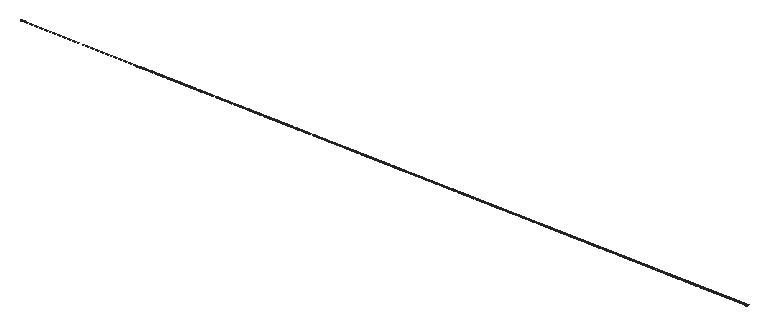
Revit family "0068168", category Lighting Fixtures, host Face, Revit 2017
Family settings
  Host = Face
  Round Connector Dimension = Use Diameter
  Part Type = Normal
  OmniClass Number = 23.80.70.00
  OmniClass Title = Lighting
  Cut with Voids When Loaded = No
  Light Source = Yes
  Shared = No
  Room Calculation Point = No
Parameters (values of type "0068168 FLEX PRO IP20 2450LM 930")
  Weight = "2.0 kg"
  Wattage Comments = ""
  Wattage = 24 W
  WarrantyStartDate [instance] = "n/a"
  WarrantyGuarantorParts = "n/a"
  WarrantyDurationUnit = "n/a"
  WarrantyDurationParts = "n/a"
  WarrantyDescription = "n/a"
  built-in parameter 1150110 = 1 (stored number, unit not read)
  Voltage = 0 V
  URL = "http://www.sylvania-lighting.com"
  TypeName = "Flex Pro IP20 2450lm 930"
  Type Image = <None>
  Type Comments = "n/a"
  built-in parameter 1114217 = 1 (stored number, unit not read)
  Tilt Angle = -90.00°
  built-in parameter 1150109 = 1 (stored number, unit not read)
  built-in parameter 1150134 = (empty or 0)
  built-in parameter 1150113 = 1 (stored number, unit not read)
  SerialNumber [instance] = "n/a"
  Photometric Web File = "0068168.ies"
  PHOTOMETRY3_SYL = 0 mm
  PHOTOMETRY2_SYL = LUM_WIDTH_SYL  # 4 mm
  PHOTOMETRY1_SYL = LUM_LENGHT_SYL / 2  # 2500 mm
  Material_3_SYL = none
  PowerFactor = 0
  PowerConsumption = "24 W"
  NominalLength = 5000 mm
  NominalHeight = 1.2 mm
  NominalDepth = 8 mm
  Name = "Flex Pro IP20 2450lm 930"
  ModelReference = Name  # "Flex Pro IP20 2450lm 930"
  ModelNumber = "0068168"
  Model = Name  # "Flex Pro IP20 2450lm 930"
  Material = "n/a"
  ManufacturerName = "Feilo Sylvania"
  Manufacturer = "Feilo Sylvania"
  LuminousEfficacy = "102 lm/W"
  built-in parameter 1150105 = 194.81 (stored number, unit not read)
  Lumens = 2448 lm
  LuminaireType = ""
  built-in parameter 1150115 = 1 (stored number, unit not read)
  LightOutputRatio = "n/a"
  built-in parameter 1150137 = (empty or 0)
  built-in parameter 1150139 = (empty or 0)
  LampsType = Lamp  # "LED"
  LampNominalLuminous = "2450 lm"
  LampMacAdamStep = "n/a"
  LampColourTemperature = "3000 K"
  LampColourRenderingIndex = "90"
  built-in parameter 1150112 = 1 (stored number, unit not read)
  built-in parameter 1150114 = 1 (stored number, unit not read)
  Lamp = "LED"
  LUM_WIDTH_SYL = 4 mm
  LUM_LENGHT_SYL!!!! = "MUST BE DIVISIBLE WITH 100"
  LUM_LENGHT_SYL = 5000 mm  # constant formula
  LED_DIST_SYL = 16.6 mm
  LED_DIST1_SYL = 10.6 mm
  LED_CH_S_WIDTH_SYL = 1.5 mm
  LED_CH_S_DEPTH_SYL = 1 mm
  LED_CH_L_WIDTH_SYL = 1.7 mm
  LED_CH_L_DEPTH_SYL = 1.4 mm
  LED_2_DIST_SYL = 33.2 mm
  Keynote = "16500"
  InstallationDate [instance] = "n/a"
  InputVoltage = "n/a"
  InputNominalFrequency = "n/a"
  built-in parameter 1150132 = (empty or 0)
  built-in parameter 1150102 = (empty or 0)
  built-in parameter 1150107 = 3000 (stored number, unit not read)
  built-in parameter 1150138 = (empty or 0)
  IngressProtection = "IP20"
  ImpactProtectionIndex = "IK00"
  built-in parameter 1150106 = 1.9481 (stored number, unit not read)
  IfcExportType = "IfcLightFixtureType"
  IfcExportAs = "IfcLightFixtureType"
  Emit from Circle Diameter = 609.6 mm
  Emit Shape Visible in Rendering = no
  ElectricShockClassification = "Class III"
  built-in parameter 1150104 = 9.4761 (stored number, unit not read)
  DocumentationLiterature = "http://www.sylvania-lighting.com/product/en-int/products/0068168"
  DimmingControlOptions = "n/a"
  Material_2_SYL = Default New Material
  Dimming Lamp Color Temperature Shift = <None>
  Description = ""
  Default Elevation = 1219.2 mm
  CreatedOn = "10/16/2020"
  CreatedBy = "@sylvania-lighting.com"
  Cost = 0
  Color Filter = 16777215
  built-in parameter 1114216 [instance] = (empty or 0)
  ClassificationValue = "EF_70_80"
  ClassificationName = "Uniclass2015"
  Material_1_SYL = Default
  CABLE_LENGHT_SYL = 1000 mm
  CABLE_FIX_SYL = 1 mm
  CABLE_END_SYL = 15 mm
  CABLE_DIST_SYL = 1.5 mm
  CABLE_DIST2_SYL = 1.5 mm
  CABLE_BLEND_SYL = 20 mm
  BarCode [instance] = "n/a"
  built-in parameter 1114218 = 1 (stored number, unit not read)
  built-in parameter 1150133 = 10 (stored number, unit not read)
  AssetType = "Fixed"
  AssetIdentifier [instance] = "n/a"
  Assembly Code = "D5020200"
  Apparent Load = 24 VA
  Material_4_SYL = none
Reference planes
  plane 1 "Center (Front/Back)": y = 0
  plane 2: z = 0
  plane 3 "Center (Left/Right)": x = 0
  plane 4: x = 5000
  plane 5: y = 4
  plane 6: y = -4
  plane 7: x = 1
  plane 8: x = -1000
  plane 9: x = -20
  plane 10: x = -985
  plane 11: y = 1.5
  plane 12: y = -1.5
  plane 13: y = 2.5
  plane 14: y = -2.5
  plane 15: x = 10.6
  plane 16: x = 27.2
  plane 17: x = 43.8
  plane 18: x = 60.4
  plane 19: x = 77
  plane 20: x = 93.6
  plane 21: y = 1.7
  plane 22: y = -1.7
  plane 23: x = 12
  plane 24: x = 9.2
  plane 25: x = 28.6
  plane 26: x = 25.8
  plane 27: x = 45.2
  plane 28: x = 42.4
  plane 29: x = 59
  plane 30: x = 61.8
  plane 31: x = 75.6
  plane 32: x = 78.4
  plane 33: x = 95
  plane 34: x = 92.2
  plane 35: x = 18.9
  plane 36: x = 35.5
  plane 37: x = 68.7
  plane 38: x = 85.3
  plane 39: x = 19.9
  plane 40: x = 17.9
  plane 41: x = 34.5
  plane 42: x = 36.5
  plane 43: x = 69.7
  plane 44: x = 67.7
  plane 45: x = 84.3
  plane 46: x = 86.3
  plane 47: y = 1.5
  plane 48: y = -1.5
Forms (mm)
  Extrusion 1, solid, material "Default" <- "Material_1_SYL"
    sketch origin (0, 0, 0) x (1, 0, 0) y (0, 1, 0)
      loop
        line (0, 4) -> (0, -4) -> (5000, -4) -> (5000, 4) -> (0, 4)
    from -0.9 to -1.2
  Sweep 2, solid, material "Default New Material" <- "Material_2_SYL"
    path origin (0, 0, 0) x (1, 0, 0) y (0, 1, 0)
      loop
        line (1, 2.5) -> (0, 2.5) -> (-20, 1.5) -> (-985, 1.5)
    profile origin (-10, 2, 0) x (0.049938, -0.998752, 0) y (0, 0, 1)
      loop
        circle (0, 0) r 1.399
  Sweep 3, solid, material "Default New Material" <- "Material_2_SYL"
    path origin (0, 0, 0) x (1, 0, 0) y (0, 1, 0)
      loop
        line (1, -2.5) -> (0, -2.5) -> (-20, -1.5) -> (-985, -1.5)
    profile origin (-10, -2, 0) x (-0.049938, -0.998752, 0) y (0, 0, 1)
      loop
        circle (0, 0) r 1.353
  Revolve 4, solid
    sketch origin (0, 0, 0) x (1, 0, 0) y (0, 1, 0)
      loop
        line (-985, 1.5) -> (-985, 2.5) -> (-1000, 2.5) -> (-1000, 1.5) -> (-985, 1.5)
      axis (-985, 1.5) -> (-1000, 1.5)
    angle from 360 to 0
  Revolve 5, solid
    sketch origin (0, 0, 0) x (1, 0, 0) y (0, 1, 0)
      loop
        line (-985, -1.5) -> (-1000, -1.5) -> (-1000, -2.5) -> (-985, -2.5) -> (-985, -1.5)
      axis (-985, -1.5) -> (-1000, -1.5)
    angle from 360 to 0
  Extrusion 6, solid
    sketch origin (0, 0, 0) x (1, 0, 0) y (0, 1, 0)
      loop
        line (9.2, 1.7) -> (9.2, -1.7) -> (12, -1.7) -> (12, 1.7) -> (9.2, 1.7)
      loop
        line (25.8, 1.7) -> (25.8, -1.7) -> (28.6, -1.7) -> (28.6, 1.7) -> (25.8, 1.7)
      loop
        line (42.4, 1.7) -> (42.4, -1.7) -> (45.2, -1.7) -> (45.2, 1.7) -> (42.4, 1.7)
      loop
        line (59, 1.7) -> (59, -1.7) -> (61.8, -1.7) -> (61.8, 1.7) -> (59, 1.7)
      loop
        line (75.6, -1.7) -> (78.4, -1.7) -> (78.4, 1.7) -> (75.6, 1.7) -> (75.6, -1.7)
      loop
        line (92.2, 1.7) -> (92.2, -1.7) -> (95, -1.7) -> (95, 1.7) -> (92.2, 1.7)
    from 0 to -1.2
  Extrusion 7, solid
    sketch origin (0, 0, 0) x (1, 0, 0) y (0, 1, 0)
      loop
        line (17.9, 1.5) -> (17.9, -1.5) -> (19.9, -1.5) -> (19.9, 1.5) -> (17.9, 1.5)
      loop
        line (34.5, 1.5) -> (34.5, -1.5) -> (36.5, -1.5) -> (36.5, 1.5) -> (34.5, 1.5)
      loop
        line (67.7, 1.5) -> (67.7, -1.5) -> (69.7, -1.5) -> (69.7, 1.5) -> (67.7, 1.5)
      loop
        line (84.3, 1.5) -> (84.3, -1.5) -> (86.3, -1.5) -> (86.3, 1.5) -> (84.3, 1.5)
    from -1.2 to -0.5
  Extrusion 8, solid
    sketch origin (4898, 0, 0) x (1, 0, 0) y (0, 1, 0)
      loop
        line (9.2, 1.7) -> (9.2, -1.7) -> (12, -1.7) -> (12, 1.7) -> (9.2, 1.7)
      loop
        line (25.8, 1.7) -> (25.8, -1.7) -> (28.6, -1.7) -> (28.6, 1.7) -> (25.8, 1.7)
      loop
        line (42.4, 1.7) -> (42.4, -1.7) -> (45.2, -1.7) -> (45.2, 1.7) -> (42.4, 1.7)
      loop
        line (59, 1.7) -> (59, -1.7) -> (61.8, -1.7) -> (61.8, 1.7) -> (59, 1.7)
      loop
        line (75.6, -1.7) -> (78.4, -1.7) -> (78.4, 1.7) -> (75.6, 1.7) -> (75.6, -1.7)
      loop
        line (92.2, 1.7) -> (92.2, -1.7) -> (95, -1.7) -> (95, 1.7) -> (92.2, 1.7)
    from 0 to -1.2
  Extrusion 9, solid
    sketch origin (99.959, 0, 0) x (1, 0, 0) y (0, 1, 0)
      loop
        line (9.2, 1.7) -> (9.2, -1.7) -> (12, -1.7) -> (12, 1.7) -> (9.2, 1.7)
      loop
        line (25.8, 1.7) -> (25.8, -1.7) -> (28.6, -1.7) -> (28.6, 1.7) -> (25.8, 1.7)
      loop
        line (42.4, 1.7) -> (42.4, -1.7) -> (45.2, -1.7) -> (45.2, 1.7) -> (42.4, 1.7)
      loop
        line (59, 1.7) -> (59, -1.7) -> (61.8, -1.7) -> (61.8, 1.7) -> (59, 1.7)
      loop
        line (75.6, -1.7) -> (78.4, -1.7) -> (78.4, 1.7) -> (75.6, 1.7) -> (75.6, -1.7)
      loop
        line (92.2, 1.7) -> (92.2, -1.7) -> (95, -1.7) -> (95, 1.7) -> (92.2, 1.7)
    from 0 to -1.2
  Extrusion 10, solid
    sketch origin (199.918, 0, 0) x (1, 0, 0) y (0, 1, 0)
      loop
        line (9.2, 1.7) -> (9.2, -1.7) -> (12, -1.7) -> (12, 1.7) -> (9.2, 1.7)
      loop
        line (25.8, 1.7) -> (25.8, -1.7) -> (28.6, -1.7) -> (28.6, 1.7) -> (25.8, 1.7)
      loop
        line (42.4, 1.7) -> (42.4, -1.7) -> (45.2, -1.7) -> (45.2, 1.7) -> (42.4, 1.7)
      loop
        line (59, 1.7) -> (59, -1.7) -> (61.8, -1.7) -> (61.8, 1.7) -> (59, 1.7)
      loop
        line (75.6, -1.7) -> (78.4, -1.7) -> (78.4, 1.7) -> (75.6, 1.7) -> (75.6, -1.7)
      loop
        line (92.2, 1.7) -> (92.2, -1.7) -> (95, -1.7) -> (95, 1.7) -> (92.2, 1.7)
    from 0 to -1.2
  Extrusion 11, solid
    sketch origin (299.878, 0, 0) x (1, 0, 0) y (0, 1, 0)
      loop
        line (9.2, 1.7) -> (9.2, -1.7) -> (12, -1.7) -> (12, 1.7) -> (9.2, 1.7)
      loop
        line (25.8, 1.7) -> (25.8, -1.7) -> (28.6, -1.7) -> (28.6, 1.7) -> (25.8, 1.7)
      loop
        line (42.4, 1.7) -> (42.4, -1.7) -> (45.2, -1.7) -> (45.2, 1.7) -> (42.4, 1.7)
      loop
        line (59, 1.7) -> (59, -1.7) -> (61.8, -1.7) -> (61.8, 1.7) -> (59, 1.7)
      loop
        line (75.6, -1.7) -> (78.4, -1.7) -> (78.4, 1.7) -> (75.6, 1.7) -> (75.6, -1.7)
      loop
        line (92.2, 1.7) -> (92.2, -1.7) -> (95, -1.7) -> (95, 1.7) -> (92.2, 1.7)
    from 0 to -1.2
  Extrusion 12, solid
    sketch origin (399.837, 0, 0) x (1, 0, 0) y (0, 1, 0)
      loop
        line (9.2, 1.7) -> (9.2, -1.7) -> (12, -1.7) -> (12, 1.7) -> (9.2, 1.7)
      loop
        line (25.8, 1.7) -> (25.8, -1.7) -> (28.6, -1.7) -> (28.6, 1.7) -> (25.8, 1.7)
      loop
        line (42.4, 1.7) -> (42.4, -1.7) -> (45.2, -1.7) -> (45.2, 1.7) -> (42.4, 1.7)
      loop
        line (59, 1.7) -> (59, -1.7) -> (61.8, -1.7) -> (61.8, 1.7) -> (59, 1.7)
      loop
        line (75.6, -1.7) -> (78.4, -1.7) -> (78.4, 1.7) -> (75.6, 1.7) -> (75.6, -1.7)
      loop
        line (92.2, 1.7) -> (92.2, -1.7) -> (95, -1.7) -> (95, 1.7) -> (92.2, 1.7)
    from 0 to -1.2
  Extrusion 13, solid
    sketch origin (499.796, 0, 0) x (1, 0, 0) y (0, 1, 0)
      loop
        line (9.2, 1.7) -> (9.2, -1.7) -> (12, -1.7) -> (12, 1.7) -> (9.2, 1.7)
      loop
        line (25.8, 1.7) -> (25.8, -1.7) -> (28.6, -1.7) -> (28.6, 1.7) -> (25.8, 1.7)
      loop
        line (42.4, 1.7) -> (42.4, -1.7) -> (45.2, -1.7) -> (45.2, 1.7) -> (42.4, 1.7)
      loop
        line (59, 1.7) -> (59, -1.7) -> (61.8, -1.7) -> (61.8, 1.7) -> (59, 1.7)
      loop
        line (75.6, -1.7) -> (78.4, -1.7) -> (78.4, 1.7) -> (75.6, 1.7) -> (75.6, -1.7)
      loop
        line (92.2, 1.7) -> (92.2, -1.7) -> (95, -1.7) -> (95, 1.7) -> (92.2, 1.7)
    from 0 to -1.2
  Extrusion 14, solid
    sketch origin (599.755, 0, 0) x (1, 0, 0) y (0, 1, 0)
      loop
        line (9.2, 1.7) -> (9.2, -1.7) -> (12, -1.7) -> (12, 1.7) -> (9.2, 1.7)
      loop
        line (25.8, 1.7) -> (25.8, -1.7) -> (28.6, -1.7) -> (28.6, 1.7) -> (25.8, 1.7)
      loop
        line (42.4, 1.7) -> (42.4, -1.7) -> (45.2, -1.7) -> (45.2, 1.7) -> (42.4, 1.7)
      loop
        line (59, 1.7) -> (59, -1.7) -> (61.8, -1.7) -> (61.8, 1.7) -> (59, 1.7)
      loop
        line (75.6, -1.7) -> (78.4, -1.7) -> (78.4, 1.7) -> (75.6, 1.7) -> (75.6, -1.7)
      loop
        line (92.2, 1.7) -> (92.2, -1.7) -> (95, -1.7) -> (95, 1.7) -> (92.2, 1.7)
    from 0 to -1.2
  Extrusion 15, solid
    sketch origin (699.714, 0, 0) x (1, 0, 0) y (0, 1, 0)
      loop
        line (9.2, 1.7) -> (9.2, -1.7) -> (12, -1.7) -> (12, 1.7) -> (9.2, 1.7)
      loop
        line (25.8, 1.7) -> (25.8, -1.7) -> (28.6, -1.7) -> (28.6, 1.7) -> (25.8, 1.7)
      loop
        line (42.4, 1.7) -> (42.4, -1.7) -> (45.2, -1.7) -> (45.2, 1.7) -> (42.4, 1.7)
      loop
        line (59, 1.7) -> (59, -1.7) -> (61.8, -1.7) -> (61.8, 1.7) -> (59, 1.7)
      loop
        line (75.6, -1.7) -> (78.4, -1.7) -> (78.4, 1.7) -> (75.6, 1.7) -> (75.6, -1.7)
      loop
        line (92.2, 1.7) -> (92.2, -1.7) -> (95, -1.7) -> (95, 1.7) -> (92.2, 1.7)
    from 0 to -1.2
  Extrusion 16, solid
    sketch origin (799.673, 0, 0) x (1, 0, 0) y (0, 1, 0)
      loop
        line (9.2, 1.7) -> (9.2, -1.7) -> (12, -1.7) -> (12, 1.7) -> (9.2, 1.7)
      loop
        line (25.8, 1.7) -> (25.8, -1.7) -> (28.6, -1.7) -> (28.6, 1.7) -> (25.8, 1.7)
      loop
        line (42.4, 1.7) -> (42.4, -1.7) -> (45.2, -1.7) -> (45.2, 1.7) -> (42.4, 1.7)
      loop
        line (59, 1.7) -> (59, -1.7) -> (61.8, -1.7) -> (61.8, 1.7) -> (59, 1.7)
      loop
        line (75.6, -1.7) -> (78.4, -1.7) -> (78.4, 1.7) -> (75.6, 1.7) -> (75.6, -1.7)
      loop
        line (92.2, 1.7) -> (92.2, -1.7) -> (95, -1.7) -> (95, 1.7) -> (92.2, 1.7)
    from 0 to -1.2
  Extrusion 17, solid
    sketch origin (899.633, 0, 0) x (1, 0, 0) y (0, 1, 0)
      loop
        line (9.2, 1.7) -> (9.2, -1.7) -> (12, -1.7) -> (12, 1.7) -> (9.2, 1.7)
      loop
        line (25.8, 1.7) -> (25.8, -1.7) -> (28.6, -1.7) -> (28.6, 1.7) -> (25.8, 1.7)
      loop
        line (42.4, 1.7) -> (42.4, -1.7) -> (45.2, -1.7) -> (45.2, 1.7) -> (42.4, 1.7)
      loop
        line (59, 1.7) -> (59, -1.7) -> (61.8, -1.7) -> (61.8, 1.7) -> (59, 1.7)
      loop
        line (75.6, -1.7) -> (78.4, -1.7) -> (78.4, 1.7) -> (75.6, 1.7) -> (75.6, -1.7)
      loop
        line (92.2, 1.7) -> (92.2, -1.7) -> (95, -1.7) -> (95, 1.7) -> (92.2, 1.7)
    from 0 to -1.2
  Extrusion 18, solid
    sketch origin (999.592, 0, 0) x (1, 0, 0) y (0, 1, 0)
      loop
        line (9.2, 1.7) -> (9.2, -1.7) -> (12, -1.7) -> (12, 1.7) -> (9.2, 1.7)
      loop
        line (25.8, 1.7) -> (25.8, -1.7) -> (28.6, -1.7) -> (28.6, 1.7) -> (25.8, 1.7)
      loop
        line (42.4, 1.7) -> (42.4, -1.7) -> (45.2, -1.7) -> (45.2, 1.7) -> (42.4, 1.7)
      loop
        line (59, 1.7) -> (59, -1.7) -> (61.8, -1.7) -> (61.8, 1.7) -> (59, 1.7)
      loop
        line (75.6, -1.7) -> (78.4, -1.7) -> (78.4, 1.7) -> (75.6, 1.7) -> (75.6, -1.7)
      loop
        line (92.2, 1.7) -> (92.2, -1.7) -> (95, -1.7) -> (95, 1.7) -> (92.2, 1.7)
    from 0 to -1.2
  Extrusion 19, solid
    sketch origin (1099.551, 0, 0) x (1, 0, 0) y (0, 1, 0)
      loop
        line (9.2, 1.7) -> (9.2, -1.7) -> (12, -1.7) -> (12, 1.7) -> (9.2, 1.7)
      loop
        line (25.8, 1.7) -> (25.8, -1.7) -> (28.6, -1.7) -> (28.6, 1.7) -> (25.8, 1.7)
      loop
        line (42.4, 1.7) -> (42.4, -1.7) -> (45.2, -1.7) -> (45.2, 1.7) -> (42.4, 1.7)
      loop
        line (59, 1.7) -> (59, -1.7) -> (61.8, -1.7) -> (61.8, 1.7) -> (59, 1.7)
      loop
        line (75.6, -1.7) -> (78.4, -1.7) -> (78.4, 1.7) -> (75.6, 1.7) -> (75.6, -1.7)
      loop
        line (92.2, 1.7) -> (92.2, -1.7) -> (95, -1.7) -> (95, 1.7) -> (92.2, 1.7)
    from 0 to -1.2
  Extrusion 20, solid
    sketch origin (1199.51, 0, 0) x (1, 0, 0) y (0, 1, 0)
      loop
        line (9.2, 1.7) -> (9.2, -1.7) -> (12, -1.7) -> (12, 1.7) -> (9.2, 1.7)
      loop
        line (25.8, 1.7) -> (25.8, -1.7) -> (28.6, -1.7) -> (28.6, 1.7) -> (25.8, 1.7)
      loop
        line (42.4, 1.7) -> (42.4, -1.7) -> (45.2, -1.7) -> (45.2, 1.7) -> (42.4, 1.7)
      loop
        line (59, 1.7) -> (59, -1.7) -> (61.8, -1.7) -> (61.8, 1.7) -> (59, 1.7)
      loop
        line (75.6, -1.7) -> (78.4, -1.7) -> (78.4, 1.7) -> (75.6, 1.7) -> (75.6, -1.7)
      loop
        line (92.2, 1.7) -> (92.2, -1.7) -> (95, -1.7) -> (95, 1.7) -> (92.2, 1.7)
    from 0 to -1.2
  Extrusion 21, solid
    sketch origin (1299.469, 0, 0) x (1, 0, 0) y (0, 1, 0)
      loop
        line (9.2, 1.7) -> (9.2, -1.7) -> (12, -1.7) -> (12, 1.7) -> (9.2, 1.7)
      loop
        line (25.8, 1.7) -> (25.8, -1.7) -> (28.6, -1.7) -> (28.6, 1.7) -> (25.8, 1.7)
      loop
        line (42.4, 1.7) -> (42.4, -1.7) -> (45.2, -1.7) -> (45.2, 1.7) -> (42.4, 1.7)
      loop
        line (59, 1.7) -> (59, -1.7) -> (61.8, -1.7) -> (61.8, 1.7) -> (59, 1.7)
      loop
        line (75.6, -1.7) -> (78.4, -1.7) -> (78.4, 1.7) -> (75.6, 1.7) -> (75.6, -1.7)
      loop
        line (92.2, 1.7) -> (92.2, -1.7) -> (95, -1.7) -> (95, 1.7) -> (92.2, 1.7)
    from 0 to -1.2
  Extrusion 22, solid
    sketch origin (1399.429, 0, 0) x (1, 0, 0) y (0, 1, 0)
      loop
        line (9.2, 1.7) -> (9.2, -1.7) -> (12, -1.7) -> (12, 1.7) -> (9.2, 1.7)
      loop
        line (25.8, 1.7) -> (25.8, -1.7) -> (28.6, -1.7) -> (28.6, 1.7) -> (25.8, 1.7)
      loop
        line (42.4, 1.7) -> (42.4, -1.7) -> (45.2, -1.7) -> (45.2, 1.7) -> (42.4, 1.7)
      loop
        line (59, 1.7) -> (59, -1.7) -> (61.8, -1.7) -> (61.8, 1.7) -> (59, 1.7)
      loop
        line (75.6, -1.7) -> (78.4, -1.7) -> (78.4, 1.7) -> (75.6, 1.7) -> (75.6, -1.7)
      loop
        line (92.2, 1.7) -> (92.2, -1.7) -> (95, -1.7) -> (95, 1.7) -> (92.2, 1.7)
    from 0 to -1.2
  Extrusion 23, solid
    sketch origin (1499.388, 0, 0) x (1, 0, 0) y (0, 1, 0)
      loop
        line (9.2, 1.7) -> (9.2, -1.7) -> (12, -1.7) -> (12, 1.7) -> (9.2, 1.7)
      loop
        line (25.8, 1.7) -> (25.8, -1.7) -> (28.6, -1.7) -> (28.6, 1.7) -> (25.8, 1.7)
      loop
        line (42.4, 1.7) -> (42.4, -1.7) -> (45.2, -1.7) -> (45.2, 1.7) -> (42.4, 1.7)
      loop
        line (59, 1.7) -> (59, -1.7) -> (61.8, -1.7) -> (61.8, 1.7) -> (59, 1.7)
      loop
        line (75.6, -1.7) -> (78.4, -1.7) -> (78.4, 1.7) -> (75.6, 1.7) -> (75.6, -1.7)
      loop
        line (92.2, 1.7) -> (92.2, -1.7) -> (95, -1.7) -> (95, 1.7) -> (92.2, 1.7)
    from 0 to -1.2
  Extrusion 24, solid
    sketch origin (1599.347, 0, 0) x (1, 0, 0) y (0, 1, 0)
      loop
        line (9.2, 1.7) -> (9.2, -1.7) -> (12, -1.7) -> (12, 1.7) -> (9.2, 1.7)
      loop
        line (25.8, 1.7) -> (25.8, -1.7) -> (28.6, -1.7) -> (28.6, 1.7) -> (25.8, 1.7)
      loop
        line (42.4, 1.7) -> (42.4, -1.7) -> (45.2, -1.7) -> (45.2, 1.7) -> (42.4, 1.7)
      loop
        line (59, 1.7) -> (59, -1.7) -> (61.8, -1.7) -> (61.8, 1.7) -> (59, 1.7)
      loop
        line (75.6, -1.7) -> (78.4, -1.7) -> (78.4, 1.7) -> (75.6, 1.7) -> (75.6, -1.7)
      loop
        line (92.2, 1.7) -> (92.2, -1.7) -> (95, -1.7) -> (95, 1.7) -> (92.2, 1.7)
    from 0 to -1.2
  Extrusion 25, solid
    sketch origin (1699.306, 0, 0) x (1, 0, 0) y (0, 1, 0)
      loop
        line (9.2, 1.7) -> (9.2, -1.7) -> (12, -1.7) -> (12, 1.7) -> (9.2, 1.7)
      loop
        line (25.8, 1.7) -> (25.8, -1.7) -> (28.6, -1.7) -> (28.6, 1.7) -> (25.8, 1.7)
      loop
        line (42.4, 1.7) -> (42.4, -1.7) -> (45.2, -1.7) -> (45.2, 1.7) -> (42.4, 1.7)
      loop
        line (59, 1.7) -> (59, -1.7) -> (61.8, -1.7) -> (61.8, 1.7) -> (59, 1.7)
      loop
        line (75.6, -1.7) -> (78.4, -1.7) -> (78.4, 1.7) -> (75.6, 1.7) -> (75.6, -1.7)
      loop
        line (92.2, 1.7) -> (92.2, -1.7) -> (95, -1.7) -> (95, 1.7) -> (92.2, 1.7)
    from 0 to -1.2
  Extrusion 26, solid
    sketch origin (1799.265, 0, 0) x (1, 0, 0) y (0, 1, 0)
      loop
        line (9.2, 1.7) -> (9.2, -1.7) -> (12, -1.7) -> (12, 1.7) -> (9.2, 1.7)
      loop
        line (25.8, 1.7) -> (25.8, -1.7) -> (28.6, -1.7) -> (28.6, 1.7) -> (25.8, 1.7)
      loop
        line (42.4, 1.7) -> (42.4, -1.7) -> (45.2, -1.7) -> (45.2, 1.7) -> (42.4, 1.7)
      loop
        line (59, 1.7) -> (59, -1.7) -> (61.8, -1.7) -> (61.8, 1.7) -> (59, 1.7)
      loop
        line (75.6, -1.7) -> (78.4, -1.7) -> (78.4, 1.7) -> (75.6, 1.7) -> (75.6, -1.7)
      loop
        line (92.2, 1.7) -> (92.2, -1.7) -> (95, -1.7) -> (95, 1.7) -> (92.2, 1.7)
    from 0 to -1.2
  Extrusion 27, solid
    sketch origin (1899.224, 0, 0) x (1, 0, 0) y (0, 1, 0)
      loop
        line (9.2, 1.7) -> (9.2, -1.7) -> (12, -1.7) -> (12, 1.7) -> (9.2, 1.7)
      loop
        line (25.8, 1.7) -> (25.8, -1.7) -> (28.6, -1.7) -> (28.6, 1.7) -> (25.8, 1.7)
      loop
        line (42.4, 1.7) -> (42.4, -1.7) -> (45.2, -1.7) -> (45.2, 1.7) -> (42.4, 1.7)
      loop
        line (59, 1.7) -> (59, -1.7) -> (61.8, -1.7) -> (61.8, 1.7) -> (59, 1.7)
      loop
        line (75.6, -1.7) -> (78.4, -1.7) -> (78.4, 1.7) -> (75.6, 1.7) -> (75.6, -1.7)
      loop
        line (92.2, 1.7) -> (92.2, -1.7) -> (95, -1.7) -> (95, 1.7) -> (92.2, 1.7)
    from 0 to -1.2
  Extrusion 28, solid
    sketch origin (1999.184, 0, 0) x (1, 0, 0) y (0, 1, 0)
      loop
        line (9.2, 1.7) -> (9.2, -1.7) -> (12, -1.7) -> (12, 1.7) -> (9.2, 1.7)
      loop
        line (25.8, 1.7) -> (25.8, -1.7) -> (28.6, -1.7) -> (28.6, 1.7) -> (25.8, 1.7)
      loop
        line (42.4, 1.7) -> (42.4, -1.7) -> (45.2, -1.7) -> (45.2, 1.7) -> (42.4, 1.7)
      loop
        line (59, 1.7) -> (59, -1.7) -> (61.8, -1.7) -> (61.8, 1.7) -> (59, 1.7)
      loop
        line (75.6, -1.7) -> (78.4, -1.7) -> (78.4, 1.7) -> (75.6, 1.7) -> (75.6, -1.7)
      loop
        line (92.2, 1.7) -> (92.2, -1.7) -> (95, -1.7) -> (95, 1.7) -> (92.2, 1.7)
    from 0 to -1.2
  Extrusion 29, solid
    sketch origin (2099.143, 0, 0) x (1, 0, 0) y (0, 1, 0)
      loop
        line (9.2, 1.7) -> (9.2, -1.7) -> (12, -1.7) -> (12, 1.7) -> (9.2, 1.7)
      loop
        line (25.8, 1.7) -> (25.8, -1.7) -> (28.6, -1.7) -> (28.6, 1.7) -> (25.8, 1.7)
      loop
        line (42.4, 1.7) -> (42.4, -1.7) -> (45.2, -1.7) -> (45.2, 1.7) -> (42.4, 1.7)
      loop
        line (59, 1.7) -> (59, -1.7) -> (61.8, -1.7) -> (61.8, 1.7) -> (59, 1.7)
      loop
        line (75.6, -1.7) -> (78.4, -1.7) -> (78.4, 1.7) -> (75.6, 1.7) -> (75.6, -1.7)
      loop
        line (92.2, 1.7) -> (92.2, -1.7) -> (95, -1.7) -> (95, 1.7) -> (92.2, 1.7)
    from 0 to -1.2
  Extrusion 30, solid
    sketch origin (2199.102, 0, 0) x (1, 0, 0) y (0, 1, 0)
      loop
        line (9.2, 1.7) -> (9.2, -1.7) -> (12, -1.7) -> (12, 1.7) -> (9.2, 1.7)
      loop
        line (25.8, 1.7) -> (25.8, -1.7) -> (28.6, -1.7) -> (28.6, 1.7) -> (25.8, 1.7)
      loop
        line (42.4, 1.7) -> (42.4, -1.7) -> (45.2, -1.7) -> (45.2, 1.7) -> (42.4, 1.7)
      loop
        line (59, 1.7) -> (59, -1.7) -> (61.8, -1.7) -> (61.8, 1.7) -> (59, 1.7)
      loop
        line (75.6, -1.7) -> (78.4, -1.7) -> (78.4, 1.7) -> (75.6, 1.7) -> (75.6, -1.7)
      loop
        line (92.2, 1.7) -> (92.2, -1.7) -> (95, -1.7) -> (95, 1.7) -> (92.2, 1.7)
    from 0 to -1.2
  Extrusion 31, solid
    sketch origin (2299.061, 0, 0) x (1, 0, 0) y (0, 1, 0)
      loop
        line (9.2, 1.7) -> (9.2, -1.7) -> (12, -1.7) -> (12, 1.7) -> (9.2, 1.7)
      loop
        line (25.8, 1.7) -> (25.8, -1.7) -> (28.6, -1.7) -> (28.6, 1.7) -> (25.8, 1.7)
      loop
        line (42.4, 1.7) -> (42.4, -1.7) -> (45.2, -1.7) -> (45.2, 1.7) -> (42.4, 1.7)
      loop
        line (59, 1.7) -> (59, -1.7) -> (61.8, -1.7) -> (61.8, 1.7) -> (59, 1.7)
      loop
        line (75.6, -1.7) -> (78.4, -1.7) -> (78.4, 1.7) -> (75.6, 1.7) -> (75.6, -1.7)
      loop
        line (92.2, 1.7) -> (92.2, -1.7) -> (95, -1.7) -> (95, 1.7) -> (92.2, 1.7)
    from 0 to -1.2
  Extrusion 32, solid
    sketch origin (2399.02, 0, 0) x (1, 0, 0) y (0, 1, 0)
      loop
        line (9.2, 1.7) -> (9.2, -1.7) -> (12, -1.7) -> (12, 1.7) -> (9.2, 1.7)
      loop
        line (25.8, 1.7) -> (25.8, -1.7) -> (28.6, -1.7) -> (28.6, 1.7) -> (25.8, 1.7)
      loop
        line (42.4, 1.7) -> (42.4, -1.7) -> (45.2, -1.7) -> (45.2, 1.7) -> (42.4, 1.7)
      loop
        line (59, 1.7) -> (59, -1.7) -> (61.8, -1.7) -> (61.8, 1.7) -> (59, 1.7)
      loop
        line (75.6, -1.7) -> (78.4, -1.7) -> (78.4, 1.7) -> (75.6, 1.7) -> (75.6, -1.7)
      loop
        line (92.2, 1.7) -> (92.2, -1.7) -> (95, -1.7) -> (95, 1.7) -> (92.2, 1.7)
    from 0 to -1.2
  Extrusion 33, solid
    sketch origin (2498.98, 0, 0) x (1, 0, 0) y (0, 1, 0)
      loop
        line (9.2, 1.7) -> (9.2, -1.7) -> (12, -1.7) -> (12, 1.7) -> (9.2, 1.7)
      loop
        line (25.8, 1.7) -> (25.8, -1.7) -> (28.6, -1.7) -> (28.6, 1.7) -> (25.8, 1.7)
      loop
        line (42.4, 1.7) -> (42.4, -1.7) -> (45.2, -1.7) -> (45.2, 1.7) -> (42.4, 1.7)
      loop
        line (59, 1.7) -> (59, -1.7) -> (61.8, -1.7) -> (61.8, 1.7) -> (59, 1.7)
      loop
        line (75.6, -1.7) -> (78.4, -1.7) -> (78.4, 1.7) -> (75.6, 1.7) -> (75.6, -1.7)
      loop
        line (92.2, 1.7) -> (92.2, -1.7) -> (95, -1.7) -> (95, 1.7) -> (92.2, 1.7)
    from 0 to -1.2
  Extrusion 34, solid
    sketch origin (2598.939, 0, 0) x (1, 0, 0) y (0, 1, 0)
      loop
        line (9.2, 1.7) -> (9.2, -1.7) -> (12, -1.7) -> (12, 1.7) -> (9.2, 1.7)
      loop
        line (25.8, 1.7) -> (25.8, -1.7) -> (28.6, -1.7) -> (28.6, 1.7) -> (25.8, 1.7)
      loop
        line (42.4, 1.7) -> (42.4, -1.7) -> (45.2, -1.7) -> (45.2, 1.7) -> (42.4, 1.7)
      loop
        line (59, 1.7) -> (59, -1.7) -> (61.8, -1.7) -> (61.8, 1.7) -> (59, 1.7)
      loop
        line (75.6, -1.7) -> (78.4, -1.7) -> (78.4, 1.7) -> (75.6, 1.7) -> (75.6, -1.7)
      loop
        line (92.2, 1.7) -> (92.2, -1.7) -> (95, -1.7) -> (95, 1.7) -> (92.2, 1.7)
    from 0 to -1.2
  Extrusion 35, solid
    sketch origin (2698.898, 0, 0) x (1, 0, 0) y (0, 1, 0)
      loop
        line (9.2, 1.7) -> (9.2, -1.7) -> (12, -1.7) -> (12, 1.7) -> (9.2, 1.7)
      loop
        line (25.8, 1.7) -> (25.8, -1.7) -> (28.6, -1.7) -> (28.6, 1.7) -> (25.8, 1.7)
      loop
        line (42.4, 1.7) -> (42.4, -1.7) -> (45.2, -1.7) -> (45.2, 1.7) -> (42.4, 1.7)
      loop
        line (59, 1.7) -> (59, -1.7) -> (61.8, -1.7) -> (61.8, 1.7) -> (59, 1.7)
      loop
        line (75.6, -1.7) -> (78.4, -1.7) -> (78.4, 1.7) -> (75.6, 1.7) -> (75.6, -1.7)
      loop
        line (92.2, 1.7) -> (92.2, -1.7) -> (95, -1.7) -> (95, 1.7) -> (92.2, 1.7)
    from 0 to -1.2
  Extrusion 36, solid
    sketch origin (2798.857, 0, 0) x (1, 0, 0) y (0, 1, 0)
      loop
        line (9.2, 1.7) -> (9.2, -1.7) -> (12, -1.7) -> (12, 1.7) -> (9.2, 1.7)
      loop
        line (25.8, 1.7) -> (25.8, -1.7) -> (28.6, -1.7) -> (28.6, 1.7) -> (25.8, 1.7)
      loop
        line (42.4, 1.7) -> (42.4, -1.7) -> (45.2, -1.7) -> (45.2, 1.7) -> (42.4, 1.7)
      loop
        line (59, 1.7) -> (59, -1.7) -> (61.8, -1.7) -> (61.8, 1.7) -> (59, 1.7)
      loop
        line (75.6, -1.7) -> (78.4, -1.7) -> (78.4, 1.7) -> (75.6, 1.7) -> (75.6, -1.7)
      loop
        line (92.2, 1.7) -> (92.2, -1.7) -> (95, -1.7) -> (95, 1.7) -> (92.2, 1.7)
    from 0 to -1.2
  Extrusion 37, solid
    sketch origin (2898.816, 0, 0) x (1, 0, 0) y (0, 1, 0)
      loop
        line (9.2, 1.7) -> (9.2, -1.7) -> (12, -1.7) -> (12, 1.7) -> (9.2, 1.7)
      loop
        line (25.8, 1.7) -> (25.8, -1.7) -> (28.6, -1.7) -> (28.6, 1.7) -> (25.8, 1.7)
      loop
        line (42.4, 1.7) -> (42.4, -1.7) -> (45.2, -1.7) -> (45.2, 1.7) -> (42.4, 1.7)
      loop
        line (59, 1.7) -> (59, -1.7) -> (61.8, -1.7) -> (61.8, 1.7) -> (59, 1.7)
      loop
        line (75.6, -1.7) -> (78.4, -1.7) -> (78.4, 1.7) -> (75.6, 1.7) -> (75.6, -1.7)
      loop
        line (92.2, 1.7) -> (92.2, -1.7) -> (95, -1.7) -> (95, 1.7) -> (92.2, 1.7)
    from 0 to -1.2
  Extrusion 38, solid
    sketch origin (2998.776, 0, 0) x (1, 0, 0) y (0, 1, 0)
      loop
        line (9.2, 1.7) -> (9.2, -1.7) -> (12, -1.7) -> (12, 1.7) -> (9.2, 1.7)
      loop
        line (25.8, 1.7) -> (25.8, -1.7) -> (28.6, -1.7) -> (28.6, 1.7) -> (25.8, 1.7)
      loop
        line (42.4, 1.7) -> (42.4, -1.7) -> (45.2, -1.7) -> (45.2, 1.7) -> (42.4, 1.7)
      loop
        line (59, 1.7) -> (59, -1.7) -> (61.8, -1.7) -> (61.8, 1.7) -> (59, 1.7)
      loop
        line (75.6, -1.7) -> (78.4, -1.7) -> (78.4, 1.7) -> (75.6, 1.7) -> (75.6, -1.7)
      loop
        line (92.2, 1.7) -> (92.2, -1.7) -> (95, -1.7) -> (95, 1.7) -> (92.2, 1.7)
    from 0 to -1.2
  Extrusion 39, solid
    sketch origin (3098.735, 0, 0) x (1, 0, 0) y (0, 1, 0)
      loop
        line (9.2, 1.7) -> (9.2, -1.7) -> (12, -1.7) -> (12, 1.7) -> (9.2, 1.7)
      loop
        line (25.8, 1.7) -> (25.8, -1.7) -> (28.6, -1.7) -> (28.6, 1.7) -> (25.8, 1.7)
      loop
        line (42.4, 1.7) -> (42.4, -1.7) -> (45.2, -1.7) -> (45.2, 1.7) -> (42.4, 1.7)
      loop
        line (59, 1.7) -> (59, -1.7) -> (61.8, -1.7) -> (61.8, 1.7) -> (59, 1.7)
      loop
        line (75.6, -1.7) -> (78.4, -1.7) -> (78.4, 1.7) -> (75.6, 1.7) -> (75.6, -1.7)
      loop
        line (92.2, 1.7) -> (92.2, -1.7) -> (95, -1.7) -> (95, 1.7) -> (92.2, 1.7)
    from 0 to -1.2
  Extrusion 40, solid
    sketch origin (3198.694, 0, 0) x (1, 0, 0) y (0, 1, 0)
      loop
        line (9.2, 1.7) -> (9.2, -1.7) -> (12, -1.7) -> (12, 1.7) -> (9.2, 1.7)
      loop
        line (25.8, 1.7) -> (25.8, -1.7) -> (28.6, -1.7) -> (28.6, 1.7) -> (25.8, 1.7)
      loop
        line (42.4, 1.7) -> (42.4, -1.7) -> (45.2, -1.7) -> (45.2, 1.7) -> (42.4, 1.7)
      loop
        line (59, 1.7) -> (59, -1.7) -> (61.8, -1.7) -> (61.8, 1.7) -> (59, 1.7)
      loop
        line (75.6, -1.7) -> (78.4, -1.7) -> (78.4, 1.7) -> (75.6, 1.7) -> (75.6, -1.7)
      loop
        line (92.2, 1.7) -> (92.2, -1.7) -> (95, -1.7) -> (95, 1.7) -> (92.2, 1.7)
    from 0 to -1.2
  Extrusion 41, solid
    sketch origin (3298.653, 0, 0) x (1, 0, 0) y (0, 1, 0)
      loop
        line (9.2, 1.7) -> (9.2, -1.7) -> (12, -1.7) -> (12, 1.7) -> (9.2, 1.7)
      loop
        line (25.8, 1.7) -> (25.8, -1.7) -> (28.6, -1.7) -> (28.6, 1.7) -> (25.8, 1.7)
      loop
        line (42.4, 1.7) -> (42.4, -1.7) -> (45.2, -1.7) -> (45.2, 1.7) -> (42.4, 1.7)
      loop
        line (59, 1.7) -> (59, -1.7) -> (61.8, -1.7) -> (61.8, 1.7) -> (59, 1.7)
      loop
        line (75.6, -1.7) -> (78.4, -1.7) -> (78.4, 1.7) -> (75.6, 1.7) -> (75.6, -1.7)
      loop
        line (92.2, 1.7) -> (92.2, -1.7) -> (95, -1.7) -> (95, 1.7) -> (92.2, 1.7)
    from 0 to -1.2
  Extrusion 42, solid
    sketch origin (3398.612, 0, 0) x (1, 0, 0) y (0, 1, 0)
      loop
        line (9.2, 1.7) -> (9.2, -1.7) -> (12, -1.7) -> (12, 1.7) -> (9.2, 1.7)
      loop
        line (25.8, 1.7) -> (25.8, -1.7) -> (28.6, -1.7) -> (28.6, 1.7) -> (25.8, 1.7)
      loop
        line (42.4, 1.7) -> (42.4, -1.7) -> (45.2, -1.7) -> (45.2, 1.7) -> (42.4, 1.7)
      loop
        line (59, 1.7) -> (59, -1.7) -> (61.8, -1.7) -> (61.8, 1.7) -> (59, 1.7)
      loop
        line (75.6, -1.7) -> (78.4, -1.7) -> (78.4, 1.7) -> (75.6, 1.7) -> (75.6, -1.7)
      loop
        line (92.2, 1.7) -> (92.2, -1.7) -> (95, -1.7) -> (95, 1.7) -> (92.2, 1.7)
    from 0 to -1.2
  Extrusion 43, solid
    sketch origin (3498.571, 0, 0) x (1, 0, 0) y (0, 1, 0)
      loop
        line (9.2, 1.7) -> (9.2, -1.7) -> (12, -1.7) -> (12, 1.7) -> (9.2, 1.7)
      loop
        line (25.8, 1.7) -> (25.8, -1.7) -> (28.6, -1.7) -> (28.6, 1.7) -> (25.8, 1.7)
      loop
        line (42.4, 1.7) -> (42.4, -1.7) -> (45.2, -1.7) -> (45.2, 1.7) -> (42.4, 1.7)
      loop
        line (59, 1.7) -> (59, -1.7) -> (61.8, -1.7) -> (61.8, 1.7) -> (59, 1.7)
      loop
        line (75.6, -1.7) -> (78.4, -1.7) -> (78.4, 1.7) -> (75.6, 1.7) -> (75.6, -1.7)
      loop
        line (92.2, 1.7) -> (92.2, -1.7) -> (95, -1.7) -> (95, 1.7) -> (92.2, 1.7)
    from 0 to -1.2
  Extrusion 44, solid
    sketch origin (3598.531, 0, 0) x (1, 0, 0) y (0, 1, 0)
      loop
        line (9.2, 1.7) -> (9.2, -1.7) -> (12, -1.7) -> (12, 1.7) -> (9.2, 1.7)
      loop
        line (25.8, 1.7) -> (25.8, -1.7) -> (28.6, -1.7) -> (28.6, 1.7) -> (25.8, 1.7)
      loop
        line (42.4, 1.7) -> (42.4, -1.7) -> (45.2, -1.7) -> (45.2, 1.7) -> (42.4, 1.7)
      loop
        line (59, 1.7) -> (59, -1.7) -> (61.8, -1.7) -> (61.8, 1.7) -> (59, 1.7)
      loop
        line (75.6, -1.7) -> (78.4, -1.7) -> (78.4, 1.7) -> (75.6, 1.7) -> (75.6, -1.7)
      loop
        line (92.2, 1.7) -> (92.2, -1.7) -> (95, -1.7) -> (95, 1.7) -> (92.2, 1.7)
    from 0 to -1.2
  Extrusion 45, solid
    sketch origin (3698.49, 0, 0) x (1, 0, 0) y (0, 1, 0)
      loop
        line (9.2, 1.7) -> (9.2, -1.7) -> (12, -1.7) -> (12, 1.7) -> (9.2, 1.7)
      loop
        line (25.8, 1.7) -> (25.8, -1.7) -> (28.6, -1.7) -> (28.6, 1.7) -> (25.8, 1.7)
      loop
        line (42.4, 1.7) -> (42.4, -1.7) -> (45.2, -1.7) -> (45.2, 1.7) -> (42.4, 1.7)
      loop
        line (59, 1.7) -> (59, -1.7) -> (61.8, -1.7) -> (61.8, 1.7) -> (59, 1.7)
      loop
        line (75.6, -1.7) -> (78.4, -1.7) -> (78.4, 1.7) -> (75.6, 1.7) -> (75.6, -1.7)
      loop
        line (92.2, 1.7) -> (92.2, -1.7) -> (95, -1.7) -> (95, 1.7) -> (92.2, 1.7)
    from 0 to -1.2
  Extrusion 46, solid
    sketch origin (3798.449, 0, 0) x (1, 0, 0) y (0, 1, 0)
      loop
        line (9.2, 1.7) -> (9.2, -1.7) -> (12, -1.7) -> (12, 1.7) -> (9.2, 1.7)
      loop
        line (25.8, 1.7) -> (25.8, -1.7) -> (28.6, -1.7) -> (28.6, 1.7) -> (25.8, 1.7)
      loop
        line (42.4, 1.7) -> (42.4, -1.7) -> (45.2, -1.7) -> (45.2, 1.7) -> (42.4, 1.7)
      loop
        line (59, 1.7) -> (59, -1.7) -> (61.8, -1.7) -> (61.8, 1.7) -> (59, 1.7)
      loop
        line (75.6, -1.7) -> (78.4, -1.7) -> (78.4, 1.7) -> (75.6, 1.7) -> (75.6, -1.7)
      loop
        line (92.2, 1.7) -> (92.2, -1.7) -> (95, -1.7) -> (95, 1.7) -> (92.2, 1.7)
    from 0 to -1.2
  Extrusion 47, solid
    sketch origin (3898.408, 0, 0) x (1, 0, 0) y (0, 1, 0)
      loop
        line (9.2, 1.7) -> (9.2, -1.7) -> (12, -1.7) -> (12, 1.7) -> (9.2, 1.7)
      loop
        line (25.8, 1.7) -> (25.8, -1.7) -> (28.6, -1.7) -> (28.6, 1.7) -> (25.8, 1.7)
      loop
        line (42.4, 1.7) -> (42.4, -1.7) -> (45.2, -1.7) -> (45.2, 1.7) -> (42.4, 1.7)
      loop
        line (59, 1.7) -> (59, -1.7) -> (61.8, -1.7) -> (61.8, 1.7) -> (59, 1.7)
      loop
        line (75.6, -1.7) -> (78.4, -1.7) -> (78.4, 1.7) -> (75.6, 1.7) -> (75.6, -1.7)
      loop
        line (92.2, 1.7) -> (92.2, -1.7) -> (95, -1.7) -> (95, 1.7) -> (92.2, 1.7)
    from 0 to -1.2
  Extrusion 48, solid
    sketch origin (3998.367, 0, 0) x (1, 0, 0) y (0, 1, 0)
      loop
        line (9.2, 1.7) -> (9.2, -1.7) -> (12, -1.7) -> (12, 1.7) -> (9.2, 1.7)
      loop
        line (25.8, 1.7) -> (25.8, -1.7) -> (28.6, -1.7) -> (28.6, 1.7) -> (25.8, 1.7)
      loop
        line (42.4, 1.7) -> (42.4, -1.7) -> (45.2, -1.7) -> (45.2, 1.7) -> (42.4, 1.7)
      loop
        line (59, 1.7) -> (59, -1.7) -> (61.8, -1.7) -> (61.8, 1.7) -> (59, 1.7)
      loop
        line (75.6, -1.7) -> (78.4, -1.7) -> (78.4, 1.7) -> (75.6, 1.7) -> (75.6, -1.7)
      loop
        line (92.2, 1.7) -> (92.2, -1.7) -> (95, -1.7) -> (95, 1.7) -> (92.2, 1.7)
    from 0 to -1.2
  Extrusion 49, solid
    sketch origin (4098.327, 0, 0) x (1, 0, 0) y (0, 1, 0)
      loop
        line (9.2, 1.7) -> (9.2, -1.7) -> (12, -1.7) -> (12, 1.7) -> (9.2, 1.7)
      loop
        line (25.8, 1.7) -> (25.8, -1.7) -> (28.6, -1.7) -> (28.6, 1.7) -> (25.8, 1.7)
      loop
        line (42.4, 1.7) -> (42.4, -1.7) -> (45.2, -1.7) -> (45.2, 1.7) -> (42.4, 1.7)
      loop
        line (59, 1.7) -> (59, -1.7) -> (61.8, -1.7) -> (61.8, 1.7) -> (59, 1.7)
      loop
        line (75.6, -1.7) -> (78.4, -1.7) -> (78.4, 1.7) -> (75.6, 1.7) -> (75.6, -1.7)
      loop
        line (92.2, 1.7) -> (92.2, -1.7) -> (95, -1.7) -> (95, 1.7) -> (92.2, 1.7)
    from 0 to -1.2
  Extrusion 50, solid
    sketch origin (4198.286, 0, 0) x (1, 0, 0) y (0, 1, 0)
      loop
        line (9.2, 1.7) -> (9.2, -1.7) -> (12, -1.7) -> (12, 1.7) -> (9.2, 1.7)
      loop
        line (25.8, 1.7) -> (25.8, -1.7) -> (28.6, -1.7) -> (28.6, 1.7) -> (25.8, 1.7)
      loop
        line (42.4, 1.7) -> (42.4, -1.7) -> (45.2, -1.7) -> (45.2, 1.7) -> (42.4, 1.7)
      loop
        line (59, 1.7) -> (59, -1.7) -> (61.8, -1.7) -> (61.8, 1.7) -> (59, 1.7)
      loop
        line (75.6, -1.7) -> (78.4, -1.7) -> (78.4, 1.7) -> (75.6, 1.7) -> (75.6, -1.7)
      loop
        line (92.2, 1.7) -> (92.2, -1.7) -> (95, -1.7) -> (95, 1.7) -> (92.2, 1.7)
    from 0 to -1.2
  Extrusion 51, solid
    sketch origin (4298.245, 0, 0) x (1, 0, 0) y (0, 1, 0)
      loop
        line (9.2, 1.7) -> (9.2, -1.7) -> (12, -1.7) -> (12, 1.7) -> (9.2, 1.7)
      loop
        line (25.8, 1.7) -> (25.8, -1.7) -> (28.6, -1.7) -> (28.6, 1.7) -> (25.8, 1.7)
      loop
        line (42.4, 1.7) -> (42.4, -1.7) -> (45.2, -1.7) -> (45.2, 1.7) -> (42.4, 1.7)
      loop
        line (59, 1.7) -> (59, -1.7) -> (61.8, -1.7) -> (61.8, 1.7) -> (59, 1.7)
      loop
        line (75.6, -1.7) -> (78.4, -1.7) -> (78.4, 1.7) -> (75.6, 1.7) -> (75.6, -1.7)
      loop
        line (92.2, 1.7) -> (92.2, -1.7) -> (95, -1.7) -> (95, 1.7) -> (92.2, 1.7)
    from 0 to -1.2
  Extrusion 52, solid
    sketch origin (4398.204, 0, 0) x (1, 0, 0) y (0, 1, 0)
      loop
        line (9.2, 1.7) -> (9.2, -1.7) -> (12, -1.7) -> (12, 1.7) -> (9.2, 1.7)
      loop
        line (25.8, 1.7) -> (25.8, -1.7) -> (28.6, -1.7) -> (28.6, 1.7) -> (25.8, 1.7)
      loop
        line (42.4, 1.7) -> (42.4, -1.7) -> (45.2, -1.7) -> (45.2, 1.7) -> (42.4, 1.7)
      loop
        line (59, 1.7) -> (59, -1.7) -> (61.8, -1.7) -> (61.8, 1.7) -> (59, 1.7)
      loop
        line (75.6, -1.7) -> (78.4, -1.7) -> (78.4, 1.7) -> (75.6, 1.7) -> (75.6, -1.7)
      loop
        line (92.2, 1.7) -> (92.2, -1.7) -> (95, -1.7) -> (95, 1.7) -> (92.2, 1.7)
    from 0 to -1.2
  Extrusion 53, solid
    sketch origin (4498.163, 0, 0) x (1, 0, 0) y (0, 1, 0)
      loop
        line (9.2, 1.7) -> (9.2, -1.7) -> (12, -1.7) -> (12, 1.7) -> (9.2, 1.7)
      loop
        line (25.8, 1.7) -> (25.8, -1.7) -> (28.6, -1.7) -> (28.6, 1.7) -> (25.8, 1.7)
      loop
        line (42.4, 1.7) -> (42.4, -1.7) -> (45.2, -1.7) -> (45.2, 1.7) -> (42.4, 1.7)
      loop
        line (59, 1.7) -> (59, -1.7) -> (61.8, -1.7) -> (61.8, 1.7) -> (59, 1.7)
      loop
        line (75.6, -1.7) -> (78.4, -1.7) -> (78.4, 1.7) -> (75.6, 1.7) -> (75.6, -1.7)
      loop
        line (92.2, 1.7) -> (92.2, -1.7) -> (95, -1.7) -> (95, 1.7) -> (92.2, 1.7)
    from 0 to -1.2
  Extrusion 54, solid
    sketch origin (4598.122, 0, 0) x (1, 0, 0) y (0, 1, 0)
      loop
        line (9.2, 1.7) -> (9.2, -1.7) -> (12, -1.7) -> (12, 1.7) -> (9.2, 1.7)
      loop
        line (25.8, 1.7) -> (25.8, -1.7) -> (28.6, -1.7) -> (28.6, 1.7) -> (25.8, 1.7)
      loop
        line (42.4, 1.7) -> (42.4, -1.7) -> (45.2, -1.7) -> (45.2, 1.7) -> (42.4, 1.7)
      loop
        line (59, 1.7) -> (59, -1.7) -> (61.8, -1.7) -> (61.8, 1.7) -> (59, 1.7)
      loop
        line (75.6, -1.7) -> (78.4, -1.7) -> (78.4, 1.7) -> (75.6, 1.7) -> (75.6, -1.7)
      loop
        line (92.2, 1.7) -> (92.2, -1.7) -> (95, -1.7) -> (95, 1.7) -> (92.2, 1.7)
    from 0 to -1.2
  Extrusion 55, solid
    sketch origin (4698.082, 0, 0) x (1, 0, 0) y (0, 1, 0)
      loop
        line (9.2, 1.7) -> (9.2, -1.7) -> (12, -1.7) -> (12, 1.7) -> (9.2, 1.7)
      loop
        line (25.8, 1.7) -> (25.8, -1.7) -> (28.6, -1.7) -> (28.6, 1.7) -> (25.8, 1.7)
      loop
        line (42.4, 1.7) -> (42.4, -1.7) -> (45.2, -1.7) -> (45.2, 1.7) -> (42.4, 1.7)
      loop
        line (59, 1.7) -> (59, -1.7) -> (61.8, -1.7) -> (61.8, 1.7) -> (59, 1.7)
      loop
        line (75.6, -1.7) -> (78.4, -1.7) -> (78.4, 1.7) -> (75.6, 1.7) -> (75.6, -1.7)
      loop
        line (92.2, 1.7) -> (92.2, -1.7) -> (95, -1.7) -> (95, 1.7) -> (92.2, 1.7)
    from 0 to -1.2
  Extrusion 56, solid
    sketch origin (4798.041, 0, 0) x (1, 0, 0) y (0, 1, 0)
      loop
        line (9.2, 1.7) -> (9.2, -1.7) -> (12, -1.7) -> (12, 1.7) -> (9.2, 1.7)
      loop
        line (25.8, 1.7) -> (25.8, -1.7) -> (28.6, -1.7) -> (28.6, 1.7) -> (25.8, 1.7)
      loop
        line (42.4, 1.7) -> (42.4, -1.7) -> (45.2, -1.7) -> (45.2, 1.7) -> (42.4, 1.7)
      loop
        line (59, 1.7) -> (59, -1.7) -> (61.8, -1.7) -> (61.8, 1.7) -> (59, 1.7)
      loop
        line (75.6, -1.7) -> (78.4, -1.7) -> (78.4, 1.7) -> (75.6, 1.7) -> (75.6, -1.7)
      loop
        line (92.2, 1.7) -> (92.2, -1.7) -> (95, -1.7) -> (95, 1.7) -> (92.2, 1.7)
    from 0 to -1.2
  Extrusion 57, solid
    sketch origin (4898, 0, 0) x (1, 0, 0) y (0, 1, 0)
      loop
        line (17.9, 1.5) -> (17.9, -1.5) -> (19.9, -1.5) -> (19.9, 1.5) -> (17.9, 1.5)
      loop
        line (34.5, 1.5) -> (34.5, -1.5) -> (36.5, -1.5) -> (36.5, 1.5) -> (34.5, 1.5)
      loop
        line (67.7, 1.5) -> (67.7, -1.5) -> (69.7, -1.5) -> (69.7, 1.5) -> (67.7, 1.5)
      loop
        line (84.3, 1.5) -> (84.3, -1.5) -> (86.3, -1.5) -> (86.3, 1.5) -> (84.3, 1.5)
    from -1.2 to -0.5
  Extrusion 58, solid
    sketch origin (99.959, 0, 0) x (1, 0, 0) y (0, 1, 0)
      loop
        line (17.9, 1.5) -> (17.9, -1.5) -> (19.9, -1.5) -> (19.9, 1.5) -> (17.9, 1.5)
      loop
        line (34.5, 1.5) -> (34.5, -1.5) -> (36.5, -1.5) -> (36.5, 1.5) -> (34.5, 1.5)
      loop
        line (67.7, 1.5) -> (67.7, -1.5) -> (69.7, -1.5) -> (69.7, 1.5) -> (67.7, 1.5)
      loop
        line (84.3, 1.5) -> (84.3, -1.5) -> (86.3, -1.5) -> (86.3, 1.5) -> (84.3, 1.5)
    from -1.2 to -0.5
  Extrusion 59, solid
    sketch origin (199.918, 0, 0) x (1, 0, 0) y (0, 1, 0)
      loop
        line (17.9, 1.5) -> (17.9, -1.5) -> (19.9, -1.5) -> (19.9, 1.5) -> (17.9, 1.5)
      loop
        line (34.5, 1.5) -> (34.5, -1.5) -> (36.5, -1.5) -> (36.5, 1.5) -> (34.5, 1.5)
      loop
        line (67.7, 1.5) -> (67.7, -1.5) -> (69.7, -1.5) -> (69.7, 1.5) -> (67.7, 1.5)
      loop
        line (84.3, 1.5) -> (84.3, -1.5) -> (86.3, -1.5) -> (86.3, 1.5) -> (84.3, 1.5)
    from -1.2 to -0.5
  Extrusion 60, solid
    sketch origin (299.878, 0, 0) x (1, 0, 0) y (0, 1, 0)
      loop
        line (17.9, 1.5) -> (17.9, -1.5) -> (19.9, -1.5) -> (19.9, 1.5) -> (17.9, 1.5)
      loop
        line (34.5, 1.5) -> (34.5, -1.5) -> (36.5, -1.5) -> (36.5, 1.5) -> (34.5, 1.5)
      loop
        line (67.7, 1.5) -> (67.7, -1.5) -> (69.7, -1.5) -> (69.7, 1.5) -> (67.7, 1.5)
      loop
        line (84.3, 1.5) -> (84.3, -1.5) -> (86.3, -1.5) -> (86.3, 1.5) -> (84.3, 1.5)
    from -1.2 to -0.5
  Extrusion 61, solid
    sketch origin (399.837, 0, 0) x (1, 0, 0) y (0, 1, 0)
      loop
        line (17.9, 1.5) -> (17.9, -1.5) -> (19.9, -1.5) -> (19.9, 1.5) -> (17.9, 1.5)
      loop
        line (34.5, 1.5) -> (34.5, -1.5) -> (36.5, -1.5) -> (36.5, 1.5) -> (34.5, 1.5)
      loop
        line (67.7, 1.5) -> (67.7, -1.5) -> (69.7, -1.5) -> (69.7, 1.5) -> (67.7, 1.5)
      loop
        line (84.3, 1.5) -> (84.3, -1.5) -> (86.3, -1.5) -> (86.3, 1.5) -> (84.3, 1.5)
    from -1.2 to -0.5
  Extrusion 62, solid
    sketch origin (499.796, 0, 0) x (1, 0, 0) y (0, 1, 0)
      loop
        line (17.9, 1.5) -> (17.9, -1.5) -> (19.9, -1.5) -> (19.9, 1.5) -> (17.9, 1.5)
      loop
        line (34.5, 1.5) -> (34.5, -1.5) -> (36.5, -1.5) -> (36.5, 1.5) -> (34.5, 1.5)
      loop
        line (67.7, 1.5) -> (67.7, -1.5) -> (69.7, -1.5) -> (69.7, 1.5) -> (67.7, 1.5)
      loop
        line (84.3, 1.5) -> (84.3, -1.5) -> (86.3, -1.5) -> (86.3, 1.5) -> (84.3, 1.5)
    from -1.2 to -0.5
  Extrusion 63, solid
    sketch origin (599.755, 0, 0) x (1, 0, 0) y (0, 1, 0)
      loop
        line (17.9, 1.5) -> (17.9, -1.5) -> (19.9, -1.5) -> (19.9, 1.5) -> (17.9, 1.5)
      loop
        line (34.5, 1.5) -> (34.5, -1.5) -> (36.5, -1.5) -> (36.5, 1.5) -> (34.5, 1.5)
      loop
        line (67.7, 1.5) -> (67.7, -1.5) -> (69.7, -1.5) -> (69.7, 1.5) -> (67.7, 1.5)
      loop
        line (84.3, 1.5) -> (84.3, -1.5) -> (86.3, -1.5) -> (86.3, 1.5) -> (84.3, 1.5)
    from -1.2 to -0.5
  Extrusion 64, solid
    sketch origin (699.714, 0, 0) x (1, 0, 0) y (0, 1, 0)
      loop
        line (17.9, 1.5) -> (17.9, -1.5) -> (19.9, -1.5) -> (19.9, 1.5) -> (17.9, 1.5)
      loop
        line (34.5, 1.5) -> (34.5, -1.5) -> (36.5, -1.5) -> (36.5, 1.5) -> (34.5, 1.5)
      loop
        line (67.7, 1.5) -> (67.7, -1.5) -> (69.7, -1.5) -> (69.7, 1.5) -> (67.7, 1.5)
      loop
        line (84.3, 1.5) -> (84.3, -1.5) -> (86.3, -1.5) -> (86.3, 1.5) -> (84.3, 1.5)
    from -1.2 to -0.5
  Extrusion 65, solid
    sketch origin (799.673, 0, 0) x (1, 0, 0) y (0, 1, 0)
      loop
        line (17.9, 1.5) -> (17.9, -1.5) -> (19.9, -1.5) -> (19.9, 1.5) -> (17.9, 1.5)
      loop
        line (34.5, 1.5) -> (34.5, -1.5) -> (36.5, -1.5) -> (36.5, 1.5) -> (34.5, 1.5)
      loop
        line (67.7, 1.5) -> (67.7, -1.5) -> (69.7, -1.5) -> (69.7, 1.5) -> (67.7, 1.5)
      loop
        line (84.3, 1.5) -> (84.3, -1.5) -> (86.3, -1.5) -> (86.3, 1.5) -> (84.3, 1.5)
    from -1.2 to -0.5
  Extrusion 66, solid
    sketch origin (899.633, 0, 0) x (1, 0, 0) y (0, 1, 0)
      loop
        line (17.9, 1.5) -> (17.9, -1.5) -> (19.9, -1.5) -> (19.9, 1.5) -> (17.9, 1.5)
      loop
        line (34.5, 1.5) -> (34.5, -1.5) -> (36.5, -1.5) -> (36.5, 1.5) -> (34.5, 1.5)
      loop
        line (67.7, 1.5) -> (67.7, -1.5) -> (69.7, -1.5) -> (69.7, 1.5) -> (67.7, 1.5)
      loop
        line (84.3, 1.5) -> (84.3, -1.5) -> (86.3, -1.5) -> (86.3, 1.5) -> (84.3, 1.5)
    from -1.2 to -0.5
  Extrusion 67, solid
    sketch origin (999.592, 0, 0) x (1, 0, 0) y (0, 1, 0)
      loop
        line (17.9, 1.5) -> (17.9, -1.5) -> (19.9, -1.5) -> (19.9, 1.5) -> (17.9, 1.5)
      loop
        line (34.5, 1.5) -> (34.5, -1.5) -> (36.5, -1.5) -> (36.5, 1.5) -> (34.5, 1.5)
      loop
        line (67.7, 1.5) -> (67.7, -1.5) -> (69.7, -1.5) -> (69.7, 1.5) -> (67.7, 1.5)
      loop
        line (84.3, 1.5) -> (84.3, -1.5) -> (86.3, -1.5) -> (86.3, 1.5) -> (84.3, 1.5)
    from -1.2 to -0.5
  Extrusion 68, solid
    sketch origin (1099.551, 0, 0) x (1, 0, 0) y (0, 1, 0)
      loop
        line (17.9, 1.5) -> (17.9, -1.5) -> (19.9, -1.5) -> (19.9, 1.5) -> (17.9, 1.5)
      loop
        line (34.5, 1.5) -> (34.5, -1.5) -> (36.5, -1.5) -> (36.5, 1.5) -> (34.5, 1.5)
      loop
        line (67.7, 1.5) -> (67.7, -1.5) -> (69.7, -1.5) -> (69.7, 1.5) -> (67.7, 1.5)
      loop
        line (84.3, 1.5) -> (84.3, -1.5) -> (86.3, -1.5) -> (86.3, 1.5) -> (84.3, 1.5)
    from -1.2 to -0.5
  Extrusion 69, solid
    sketch origin (1199.51, 0, 0) x (1, 0, 0) y (0, 1, 0)
      loop
        line (17.9, 1.5) -> (17.9, -1.5) -> (19.9, -1.5) -> (19.9, 1.5) -> (17.9, 1.5)
      loop
        line (34.5, 1.5) -> (34.5, -1.5) -> (36.5, -1.5) -> (36.5, 1.5) -> (34.5, 1.5)
      loop
        line (67.7, 1.5) -> (67.7, -1.5) -> (69.7, -1.5) -> (69.7, 1.5) -> (67.7, 1.5)
      loop
        line (84.3, 1.5) -> (84.3, -1.5) -> (86.3, -1.5) -> (86.3, 1.5) -> (84.3, 1.5)
    from -1.2 to -0.5
  Extrusion 70, solid
    sketch origin (1299.469, 0, 0) x (1, 0, 0) y (0, 1, 0)
      loop
        line (17.9, 1.5) -> (17.9, -1.5) -> (19.9, -1.5) -> (19.9, 1.5) -> (17.9, 1.5)
      loop
        line (34.5, 1.5) -> (34.5, -1.5) -> (36.5, -1.5) -> (36.5, 1.5) -> (34.5, 1.5)
      loop
        line (67.7, 1.5) -> (67.7, -1.5) -> (69.7, -1.5) -> (69.7, 1.5) -> (67.7, 1.5)
      loop
        line (84.3, 1.5) -> (84.3, -1.5) -> (86.3, -1.5) -> (86.3, 1.5) -> (84.3, 1.5)
    from -1.2 to -0.5
